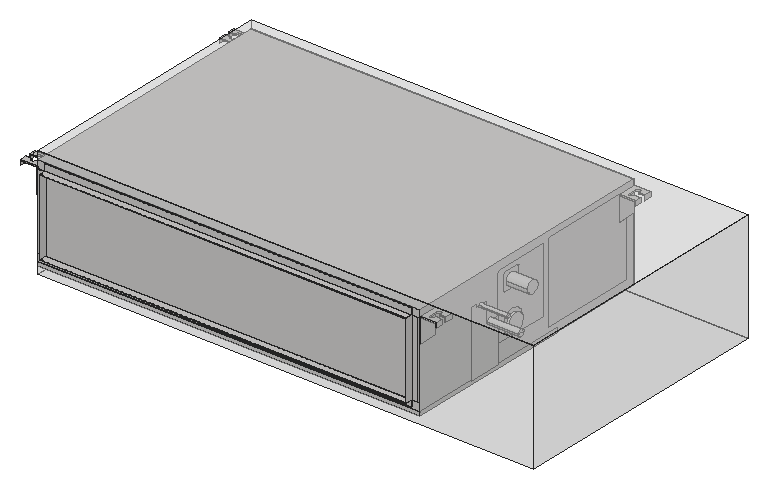
Revit family "outputfile", category 機械設備, Revit 2024
Family settings
  丸型コネクタ寸法 = 半径を使用
  パーツ タイプ = 標準
  OmniClass 番号 = 23.75.10.24.21.27.27
  OmniClass タイトル = Split System Air Conditioning Units
  作業面ベース = いいえ
  常に垂直 = はい
  ロード時にボイドで切り取り = いいえ
  注釈の向きを維持 = いいえ
  共有 = いいえ
  部屋計算ポイント = はい
Parameters (values of type "FPSQ63CV1")
  Description = ""
  書き出し IFC クラス(タイプ) = "IfcUnitaryEquipmentType"
  定義済み IFC タイプ(タイプ) = "AIRCONDITIONINGUNIT"
  Cost = 0
  Type Comments = ""
  Keynote = ""
  Type Image = (empty or 0)
  Assembly Code = ""
  w_RA Duct Size = if(Width = 1000.0 mm, 1000.0 mm, 1400.0 mm)  # 1000.0 mm
  r_HP/LP Gas Pipe Size = 4.75 mm
  lw_HP/LP Gas Pipe Size = 60.0 mm  # constant formula
  lh_HP/LP Gas Pipe Size = -103.0 mm
  ld_mountinghole = 24.0 mm  # constant formula
  ld_HP/LP Gas Pipe Size = 131.0 mm
  製造元 = "Daikin"
  モデル = "FPSQ63CV1"
  w_pipe = 33.0 mm
  r_Liquid Pipe Size = Liquid Pipe Size / 2  # 4.75 mm
  r_Gas Pipe Size = Gas Pipe Size / 2  # 7.95 mm
  r_Drain Pipe Size = Drain Pipe Size / 2  # 16.0 mm
  lw_powersupply = 49.5 mm
  lh_suctionflange [instance] = if(Rear Connection_Return Air, 125.0 mm + [h***], 190.0 mm + [h***])  # 125.0 mm
  ld_suctionflange [instance] = if(Rear Connection_Return Air, 190.0 mm, 126.5 mm)  # 190.0 mm
  ld_powersupply = 60.0 mm
  angle_vertical_RA [instance] = if(Rear Connection_Return Air, 90.00°, 0.00°)  # 90.00°
  angle horizontal_RA [instance] = if(Rear Connection_Return Air, 180.00°, 270.00°)  # 180.00°
  Voltage_comment_50Hz = "220 - 240"
  Voltage_50Hz = 230 V
  URL = ""
  Supply Air Direction [instance] = yes
  Sound Power Level_H speed (dB) = 0
  Rear Connection_Return Air [instance] = not(Bottom Connection_Return Air)  # yes
  RA_length = 190.0 mm  # constant formula
  Phase_50Hz = 1
  Minimum External Static Pressure = 50.00 Pa
  Minimum Circuit Amps_50Hz = 0.9 A
  Maximum Fuse Amps_50Hz = 16.0 A
  Maximum External Static Pressure = 80.00 Pa
  Material_Casing = DAIKIN_GalvanizedSteel_Casing_indoorunit
  lw_liquidpipe = 75.0 mm  # constant formula
  lw_gaspipe = 83.0 mm  # constant formula
  lw_mountinghole_pitch = Width + 45.0 mm  # 1045.0 mm
  lw_mountinghole = 20.0 mm  # constant formula
  lw_drainpipe = 58.0 mm  # constant formula
  lh_powersupply = 20.0 mm
  lh_liquidpipe = 175.0 mm
  lh_gaspipe = 124.0 mm
  lh_mountinghole = Height + [h***]  # 250.0 mm
  lh_drainpipe = 57.0 mm
  lh_antena = 1.0 mm  # constant formula
  ld_liquidpipe = 197.0 mm
  ld_gaspipe = 228.0 mm  # constant formula
  ld_mountinghole_pitch = 651.0 mm  # constant formula
  ld_drainpipe = 403.0 mm  # constant formula
  ld_controlbox = 626.0 mm  # constant formula
  h*** = 0.0 mm  # constant formula
  d_dischargeflange = 19.0 mm  # constant formula
  Width = 1000.0 mm
  Version = "ver.1.0"
  Unit Type = "Middle Static Ceiling Mounted Duct Type"
  Unit Mass Weight = 32.00 kg
  Unit Designation [instance] = ""
  Uniclass2015Version = "Products v1.30"
  Uniclass2015Title = "Variable refrigerant flow units"
  Uniclass2015Code = "Pr_70_65_03_94"
  Total Cooling Capacity [instance] = 0.000 kW
  Sound Pressure Level_M speed (dBA) = 32
  Sound Pressure Level_L speed (dBA) = 29
  Sound Pressure Level_H speed (dBA) = 35
  Series = "VRV HOME_Fan Coil Unit"
  Sensible Cooling Capacity [instance] = 0.000 kW
  SA Duct Size Width = 958.0 mm
  SA Duct Size Height = 198.0 mm
  Refrigerant Type = "R410A"
  RA Duct Size Width = 964.0 mm
  RA Duct Size Height [instance] = if(Rear Connection_Return Air, 214.0 mm, 217.0 mm)  # 214.0 mm
  Power Input (Cooling) = 0.151 kW
  Option Accessory 3 [instance] = ""
  Option Accessory 2 [instance] = ""
  Option Accessory 1 [instance] = ""
  Nominal Cooling Capacity = 7.100 kW
  Minimum Airflow = 738.00 m³/h
  Median Airflow = 894.00 m³/h
  Maximum Airflow = 1056.00 m³/h
  Load Classification = HVAC
  Liquid Pipe Size = 9.5 mm
  Link_Nested Family [instance] = ""
  IfcVersion = ""
  IfcExportType = "AIRCONDITIONINGUNIT"
  IfcExportAs = "IfcUnitaryEquipmentType"
  Height = 250.0 mm
  Heat Exchanger Type = "Cross Fin Coil"
  Gas Pipe Size = 15.9 mm
  Frequency_50Hz = 50 Hz
  Fan Type = "Sirocco Fan"
  Fan Drive = "Direct Drive"
  FCU Tag No. [instance] = ""
  Drain Pipe Size = 32.0 mm
  Design Supply Airflow [instance] = 0.00 m³/h
  Design Return Airflow [instance] = 0.00 m³/h
  Design External Static Pressure [instance] = 0.00 Pa
  Depth = 700.0 mm
  既定の高さ = 0.0 mm
  Cooling Entering Wet Bulb Temperature [instance] = 0.00 °C
  Cooling Entering Dry Bulb Temperature [instance] = 0.00 °C
  Cooling Ambient Wet Bulb Temperature [instance] = 0.00 °C
  Cooling Ambient Dry Bulb Temperature [instance] = 0.00 °C
  Clearance visibility [instance] = yes
  Clearance Top = 20.0 mm
  Clearance Right = 300.0 mm
  Clearance Rear = 0.0 mm
  Clearance Left = 0.0 mm
  Clearance Front = 0.0 mm
  Clearance Bottom = 20.0 mm
  Bottom Connection_Return Air [instance] = no
Reference planes
  plane 1 "Center (Front/Back)": y = 0
  plane 2: z = 0
  plane 3 "Center (Left/Right)": x = 0
  plane 4 "Back": y = 350
  plane 5 "Front": y = -350
  plane 6 "Left": x = -500
  plane 7 "Right": x = 500
  plane 8 "Top": z = 0
  plane 9 "Bottom": z = -250
  plane 10: x = 325
  plane 11: x = -330
  plane 12: z = -230
  plane 13: z = -6
  plane 14: z = -72
  plane 15: z = -75
  plane 16: z = -126
  plane 17: x = -304
  plane 18: x = -522.5
  plane 19: x = 522.5
  plane 20: y = -326
  plane 21: y = 325
  plane 22: x = -542.5
  plane 23: x = 390
  plane 24: x = 575
  plane 25: x = 583
  plane 26: x = 558
  plane 27: z = 0
  plane 28 "Clearance Left": x = -500
  plane 29 "Clearance Right": x = 800
  plane 30 "Clearance Rear": y = 350
  plane 31 "Clearance Front": y = -350
  plane 32 "Clearance Top": z = 20
  plane 33 "Clearance Bottom": z = -270
  plane 34: z = -14
  plane 35: z = -57
  plane 36: z = -146.5
  plane 37: x = 0
  plane 38: y = -122
  plane 39: y = -153
  plane 40: y = -30
  plane 41: y = -53
  plane 42: z = -119
  plane 43: y = -349
  plane 44: x = -499
  plane 45: z = -140
  plane 46: z = -80
  plane 47: y = 210
  plane 48: z = -249
  plane 49: y = 160
  plane 50: z = -151
  plane 51: x = 530
  plane 52: z = 11
  plane 53: z = 97.5
  plane 54: y = -219
Forms (mm)
  Extrusion 1, solid, material "DAIKIN_GalvanizedSteel_Casing_indoorunit" <- "Material_Casing"
    sketch origin (0, 0, 0) x (1, 0, 0) y (0, 1, 0)
      loop
        line (-500, -350) -> (500, -350) -> (500, 350) -> (-500, 350) -> (-500, -350)
    from -250 to 0
  Revolve 2, solid, material "DAIKIN_GalvanizedSteel_Casing_indoorunit" <- "Material_Casing"
    sketch origin (0, 0, -126) x (0, -1, 0) y (1, 0, 0)
      loop
        line (114.05, 500) -> (122, 500) -> (122, 583) -> (114.05, 583) -> (114.05, 500)
      axis (122, 500) -> (122, 583)
    angle from 0 to 360
  Revolve 3, solid, material "DAIKIN_GalvanizedSteel_Casing_indoorunit" <- "Material_Casing"
    sketch origin (0, 0, -75) x (0, -1, 0) y (1, 0, 0)
      loop
        line (153, 500) -> (153, 575) -> (148.25, 575) -> (148.25, 500) -> (153, 500)
      axis (153, 575) -> (153, 500)
    angle from 0 to 360
  Extrusion 4, solid, material "DAIKIN_GalvanizedSteel_Casing_indoorunit" <- "Material_Casing"
    sketch origin (500, 0, 33.75) x (0, 1, 0) y (0, 0, 1)
      loop
        circle (-53, -90.75) r 16
    from 0 to 58
  Extrusion 5, solid, material "DAIKIN_GalvanizedSteel_Casing_indoorunit" <- "Material_Casing"
    sketch origin (0, 0, 0) x (1, 0, 0) y (0, 0, 1)
      loop
        line (-500, -240) -> (-500, -250) -> (500, -250) -> (500, -240) -> (-500, -240)
    from -97 to 350
  Extrusion 6, solid, material "DAIKIN_GalvanizedSteel_Casing_indoorunit" <- "Material_Casing"
    sketch origin (500, 0, 0) x (0, 1, 0) y (0, 0, 1)
      loop
        circle (-49.014, -158.014) r 22.5
    from 11.3 to 0
  Extrusion 7, solid, material "DAIKIN_GalvanizedSteel_Casing_indoorunit" <- "Material_Casing"
    sketch origin (500, 0, 0) x (0, 1, 0) y (0, 0, 1)
      loop
        circle (-49.014, -158.014) r 30
    from 0 to 3
  Extrusion 8, solid, material "DAIKIN_GalvanizedSteel_Casing_indoorunit" <- "Material_Casing"
    sketch origin (500, 0, 0) x (0, 1, 0) y (0, 0, 1)
      loop
        arc (-94.014, -189.014) -> (-93.135, -191.135) -> (-91.014, -192.014) r 3
        line (-91.014, -192.014) -> (49.986, -192.014)
        arc (49.986, -192.014) -> (52.108, -191.135) -> (52.986, -189.014) r 3
        line (52.986, -189.014) -> (52.986, -25.014)
        arc (52.986, -25.014) -> (52.108, -22.892) -> (49.986, -22.014) r 3
        line (49.986, -22.014) -> (-91.014, -22.014)
        arc (-91.014, -22.014) -> (-93.135, -22.892) -> (-94.014, -25.014) r 3
        line (-94.014, -25.014) -> (-94.014, -189.014)
      loop
        line (-78.486, -40.478) -> (-78.486, -73.478)
        arc (-78.486, -73.478) -> (-75.855, -79.845) -> (-69.494, -82.486) r 9
        line (-69.494, -82.486) -> (-36.492, -82.486)
        arc (-36.492, -82.486) -> (-30.134, -79.848) -> (-27.486, -73.494) r 9.023
        line (-27.486, -73.494) -> (-27.486, -40.478)
        arc (-27.486, -40.478) -> (-30.122, -34.122) -> (-36.478, -31.486) r 9
        line (-36.478, -31.486) -> (-69.494, -31.486)
        arc (-69.494, -31.486) -> (-75.85, -34.122) -> (-78.486, -40.478) r 9
    from 0 to 1
  Extrusion 9, solid, material "DAIKIN_GalvanizedSteel_Casing_indoorunit" <- "Material_Casing"
    sketch origin (500, 0, 0) x (0, 1, 0) y (0, 0, 1)
      loop
        line (72.008, -16.198) -> (72.008, -225) -> (324.002, -225) -> (324.002, -83.198) -> (299.002, -83.198) -> (299.002, -16.198) -> (72.008, -16.198)
    from 0 to 1
  Extrusion 10, solid, material "DAIKIN_GalvanizedSteel_Casing_indoorunit"
    sketch origin (500, 0, 0) x (0, 1, 0) y (0, 0, 1)
      loop
        line (-96.045, -240) -> (-96.045, -126.163) -> (-136.045, -126.163) -> (-136.045, -75.163) -> (-166.999, -75.163) -> (-166.999, -70.163) -> (-181.045, -70.163) -> (-181.045, -240) -> (-96.045, -240)
    from 0 to 1
Dimensions and locks
  "lh_powersupply": plane 12 to plane 9 "Bottom"
  locked: plane 8 "Top" to plane 13 at 6
  "Height": plane 8 "Top" to plane 9 "Bottom"
  locked: plane 17 to plane 3 "Center (Left/Right)" at 304
  equal spacing: plane 18, plane 3 "Center (Left/Right)", plane 19
  "lw_mountinghole_pitch": plane 18 to plane 19
  locked: plane 14 to plane 9 "Bottom" at 178
  "lw_mountinghole": plane 22 to plane 18
  "lh_liquidpipe": plane 15 to plane 9 "Bottom"
  "lh_gaspipe": plane 16 to plane 9 "Bottom"
  "lh_mountinghole": plane 27 to plane 9 "Bottom"
  "ld_mountinghole_pitch": plane 21 to plane 20
  equal spacing: plane 6 "Left", plane 3 "Center (Left/Right)", plane 7 "Right"
  "Width": plane 6 "Left" to plane 7 "Right"
  "Clearance Right": plane 7 "Right" to plane 29 "Clearance Right"
  "Clearance Left": plane 28 "Clearance Left" to plane 6 "Left"
  "lw_gaspipe": plane 7 "Right" to plane 25
  "lw_liquidpipe": plane 7 "Right" to plane 24
  "lw_drainpipe": plane 7 "Right" to plane 26
  "Clearance Rear": plane 30 "Clearance Rear" to plane 4 "Back"
  "Clearance Front": plane 5 "Front" to plane 31 "Clearance Front"
  "Clearance Top": plane 32 "Clearance Top" to plane 8 "Top"
  "Clearance Bottom": plane 9 "Bottom" to plane 33 "Clearance Bottom"
  plane 8 "Top" to plane 34 = 14.0 mm
  "lh_drainpipe": plane 8 "Top" to plane 35
  locked: plane 36 to plane 9 "Bottom" at 103.5
  locked: plane 34 to plane 42 at 105
  "Depth": plane 4 "Back" to plane 5 "Front"
  equal spacing: plane 4 "Back", plane 1 "Center (Front/Back)", plane 5 "Front"
  locked: plane 43 to plane 5 "Front" at 1
  locked: plane 44 to plane 6 "Left" at 1
  locked: plane 12 to plane 45 at 90
  plane 47 to nested 13 = 122.0 mm
  locked: plane 48 to plane 9 "Bottom" at 1
  "ld_suctionflange": plane 4 "Back" to plane 49
  locked: plane 50 to plane 9 "Bottom" at 99
  locked: plane 51 to plane 7 "Right" at 30
  "r_Gas Pipe Size": Revolve 2 sketch curve to Revolve 2 sketch curve
  "ld_gaspipe": plane 38 to plane 5 "Front"
  "r_Liquid Pipe Size": Revolve 3 sketch curve to plane 39
  "ld_liquidpipe": plane 39 to plane 5 "Front"
  "ld_drainpipe": plane 4 "Back" to plane 41
  "ld_HP/LP Gas Pipe Size": plane 54 to plane 5 "Front"
  plane 8 "Top" to plane 15 = 75.0 mm
  "ld_mountinghole": plane 20 to plane 5 "Front"
  locked: plane 8 "Top" to nested 16 at 20
  equal spacing: plane 6 "Left", plane 37, plane 7 "Right"
  "ld_gaspipe": plane 5 "Front" to Revolve 2 sketch curve
  locked: plane 46 to plane 9 "Bottom" at 170
  "r_Drain Pipe Size": radius of Extrusion 4 sketch curve
  aligned and locked: level to plane 2
  aligned and locked: Extrusion 1 to plane 9 "Bottom"
  aligned and locked: plane 8 "Top" to Extrusion 1
  aligned and locked: Revolve 2 sketch curve to Revolve 2 sketch curve
  aligned and locked: nested 6 to plane 24
  aligned and locked: nested 6 to plane 15
  aligned and locked: nested 2 to plane 21
  aligned and locked: plane 19 to nested 2
  aligned and locked: plane 19 to nested 3
  aligned and locked: plane 18 to nested 4
  aligned and locked: plane 21 to nested 5
  aligned and locked: nested 5 to plane 21
  aligned and locked: plane 18 to nested 5
  aligned and locked: Extrusion 5 to plane 5 "Front"
  aligned and locked: Extrusion 5 to plane 9 "Bottom"
  aligned and locked: nested 7 to plane 16
  aligned and locked: plane 38 to nested 7
  aligned and locked: plane 39 to nested 6
  aligned and locked: Extrusion 4 sketch curve to plane 41
  aligned and locked: plane 4 "Back" to nested 12
  aligned and locked: plane 29 "Clearance Right" to nested 14
  aligned and locked: plane 28 "Clearance Left" to nested 14
  aligned and locked: nested 14 to plane 31 "Clearance Front"
  aligned and locked: nested 14 to plane 32 "Clearance Top"
  aligned and locked: nested 14 to plane 33 "Clearance Bottom"
  aligned and locked: nested 8 to plane 35
  aligned and locked: nested 10 to plane 1 "Center (Front/Back)"
  aligned and locked: plane 3 "Center (Left/Right)" to nested 10
  aligned and locked: plane 42 to nested 9
  aligned and locked: level to plane 8 "Top"
  aligned and locked: plane 3 "Center (Left/Right)" to nested 1
  aligned and locked: Extrusion 1 sketch curve to plane 5 "Front"
  aligned and locked: plane 3 "Center (Left/Right)" to nested 16
  aligned and locked: plane 5 "Front" to nested 16
  aligned and locked: nested 9 to plane 5 "Front"
  aligned and locked: plane 39 to Revolve 3 sketch curve  (x2)
  aligned and locked: plane 7 "Right" to nested 7
  aligned and locked: plane 7 "Right" to nested 8
  aligned and locked: plane 41 to nested 8
  aligned and locked: plane 1 "Center (Front/Back)" to nested 1
  aligned and locked: nested 4 to plane 20
  aligned and locked: nested 3 to plane 20
  aligned and locked: plane 37 to nested 15
  aligned and locked: nested 15 to plane 49
  aligned and locked: plane 7 "Right" to Revolve 3 sketch curve
  aligned and locked: plane 7 "Right" to Revolve 2 sketch curve
  aligned and locked: Revolve 2 sketch curve to nested 7
  aligned and locked: plane 8 "Top" to nested 12
  aligned and locked: plane 3 "Center (Left/Right)" to nested 12
  aligned and locked: plane 3 "Center (Left/Right)" to nested 13
  aligned and locked: plane 9 "Bottom" to nested 13
  aligned and locked: plane 30 "Clearance Rear" to nested 14
  aligned and locked: plane 4 "Back" to nested 13
  aligned and locked: plane 7 "Right" to nested 11
  aligned and locked: plane 26 to Extrusion 4
Automatic sketch dimensions
  Extrusion 1 sketch curve to plane 4 "Back" = 0.0 mm
  Extrusion 1 sketch curve to plane 6 "Left" = 0.0 mm
  Extrusion 1 sketch curve to plane 7 "Right" = 0.0 mm
  Revolve 2 sketch curve to plane 37 = 57.997 mm
  plane 24 to Revolve 2 sketch curve = 1.003 mm
  Revolve 3 sketch curve to plane 24 = 0.0 mm  (x2)
  Revolve 3 sketch curve to Revolve 3 sketch curve = 1.0 mm
  Extrusion 5 sketch curve to plane 6 "Left" = 0.0 mm
  Extrusion 5 sketch curve to plane 7 "Right" = 0.0 mm
  Extrusion 5 sketch curve to plane 9 "Bottom" = 0.0 mm
  Extrusion 5 sketch curve to plane 12 = 10.0 mm
  plane 35 to Extrusion 4 sketch curve = 0.0 mm
  plane 38 to Extrusion 6 sketch curve = 72.986 mm
  plane 12 to Extrusion 6 sketch curve = 71.986 mm
  plane 41 to Extrusion 7 sketch curve = 3.986 mm
  Extrusion 7 sketch curve to plane 50 = 7.014 mm
  plane 38 to Extrusion 8 sketch curve = 27.986 mm
  Extrusion 8 sketch curve to Extrusion 8 sketch curve = 3.0 mm  (x3)
  Extrusion 8 sketch curve to plane 14 = 1.478 mm
  Extrusion 8 sketch curve to plane 41 = 25.486 mm
  Extrusion 8 sketch curve to plane 46 = 2.486 mm
  Extrusion 8 sketch curve to Extrusion 8 sketch curve = 8.992 mm  (x2)
  Extrusion 8 sketch curve to plane 14 = 1.486 mm
  Extrusion 8 sketch curve to Extrusion 8 sketch curve = 9.0 mm
  Extrusion 8 sketch curve to plane 14 = 1.463 mm
  Extrusion 8 sketch curve to plane 40 = 6.509 mm
  Extrusion 8 sketch curve to plane 40 = 6.492 mm
  Extrusion 8 sketch curve to plane 40 = 6.486 mm
  Extrusion 8 sketch curve to plane 40 = 6.478 mm
  Extrusion 8 sketch curve to plane 14 = 1.494 mm
  Extrusion 8 sketch curve to plane 34 = 8.014 mm
  Extrusion 8 sketch curve to plane 1 "Center (Front/Back)" = 49.986 mm  (x2)
  Extrusion 8 sketch curve to plane 50 = 38.014 mm
  plane 35 to Extrusion 8 sketch curve = 16.514 mm
  Extrusion 8 sketch curve to Extrusion 8 sketch curve = 32.977 mm
  Extrusion 8 sketch curve to Extrusion 8 sketch curve = 0.008 mm
  Extrusion 9 sketch curve to plane 34 = 2.198 mm
  Extrusion 9 sketch curve to plane 1 "Center (Front/Back)" = 72.008 mm
  Extrusion 9 sketch curve to plane 46 = 3.198 mm
  Extrusion 9 sketch curve to plane 21 = 25.998 mm
  Extrusion 9 sketch curve to plane 21 = 0.998 mm  (x2)
  plane 12 to Extrusion 9 sketch curve = 5.0 mm
  plane 48 to Extrusion 10 sketch curve = 9.0 mm
  Extrusion 10 sketch curve to plane 39 = 28.045 mm
  Extrusion 10 sketch curve to plane 15 = 0.163 mm
  Extrusion 10 sketch curve to plane 39 = 13.999 mm
  Extrusion 10 sketch curve to plane 16 = 0.163 mm
  Extrusion 10 sketch curve to plane 38 = 14.045 mm
  plane 38 to Extrusion 10 sketch curve = 25.955 mm
  plane 14 to Extrusion 10 sketch curve = 1.837 mm
  radius of Extrusion 6 sketch curve = 22.5 mm
  radius of Extrusion 7 sketch curve = 30.0 mm
Nested families
  nested 1: "daikin_hangerfixture_FPSQ-CV1" at (0, 0, -15.5), type "daikin_hangerfixture_FPSQ-CV1"
  nested 2: "daikin_mountinghole" at (522.5, 325, -265.5), l_antenna <- "lh_antena", Link_Nested Family <- "Link_Nested Family", h_mountinghole <- "lh_mountinghole", type "daikin_mountinghole"
    with show yes, l_antenna 1.0 mm, h_mountinghole 250.0 mm, Link_Nested Family ""
  nested 3: "daikin_mountinghole" at (522.5, -326, -265.5), Link_Nested Family <- "Link_Nested Family", l_antenna <- "lh_antena", h_mountinghole <- "lh_mountinghole", type "daikin_mountinghole"
    with show yes, l_antenna 1.0 mm, h_mountinghole 250.0 mm, Link_Nested Family ""
  nested 4: "daikin_mountinghole" at (-522.5, -326, -265.5), l_antenna <- "lh_antena", Link_Nested Family <- "Link_Nested Family", h_mountinghole <- "lh_mountinghole", type "daikin_mountinghole"
    with show yes, l_antenna 1.0 mm, h_mountinghole 250.0 mm, Link_Nested Family ""
  nested 5: "daikin_mountinghole" at (-522.5, 325, -265.5), l_antenna <- "lh_antena", Link_Nested Family <- "Link_Nested Family", h_mountinghole <- "lh_mountinghole", type "daikin_mountinghole"
    with show yes, l_antenna 1.0 mm, h_mountinghole 250.0 mm, Link_Nested Family ""
  nested 6: "daikin_connector_rotate2" at (500, -153, -75) x (0, 1, 0) z (0, 0, 1), length <- "lw_liquidpipe", built-in parameter 1001364 <- "lh_liquidpipe", radius <- "r_Liquid Pipe Size", type "daikin_connector_rotate2"
    with radius 4.75 mm, length 75.0 mm, angle_vertical 90.00°
  nested 7: "daikin_connector_rotate2" at (500, -122, -126) x (0, 1, 0) z (0, 0, 1), length <- "lw_gaspipe", built-in parameter 1001364 <- "lh_gaspipe", radius <- "r_Gas Pipe Size", type "daikin_connector_rotate2"
    with radius 7.95 mm, length 83.0 mm, angle_vertical 90.00°
  nested 8: "daikin_connector_rotate2" at (500, -53, -57) x (0, 1, 0) z (0, 0, 1), built-in parameter 1001364 <- "lh_drainpipe", radius <- "r_Drain Pipe Size", length <- "lw_drainpipe", type "daikin_connector_rotate2"
    with radius 16.0 mm, length 58.0 mm, angle_vertical 90.00°
  nested 9: "daikin_connector_rotate2" at (0, -350, -119), length <- "d_dischargeflange", type "daikin_connector_rotate2"
    with radius 10.0 mm, length 19.0 mm, angle_vertical 90.00°
  nested 10: "daikin_△_symbolicline" at (-75, -129.904, 250) x (-0.5, 0.866, 0) z (0, 0, 1), built-in parameter 1001364 <- "Height", visible <- "Supply Air Direction", type "daikin_△_symbolicline"
    with length 300.0 mm
  nested 11: "daikin_connector_rotate2" at (440, 273.008, -220) x (0, 1, 0) z (0, 0, 1), type "daikin_connector_rotate2"
    with radius 10.0 mm, length 60.0 mm, angle_vertical 90.00°
  nested 12: "daikin_ductflange_FPSQ-CV1_2" at (0, 350, -125), material <- "Material_Casing", visible <- "Rear Connection_Return Air", width <- "w_RA Duct Size", type "daikin_ductflange_FPSQ-CV1_2"
    with width 1000.0 mm, material DAIKIN_GalvanizedSteel_Casing_indoorunit, height 214.0 mm, depth 21.2 mm
  nested 13: "daikin_ductflange_FPSQ-CV1_2" at (0, 225, -250) x (1, 0, 0) z (0, 1, 0), material <- "Material_Casing", visible <- "Bottom Connection_Return Air", width <- "w_RA Duct Size", height <- "RA Duct Size Height", type "daikin_ductflange_FPSQ-CV1_2"
    with width 1000.0 mm, material DAIKIN_GalvanizedSteel_Casing_indoorunit, height 214.0 mm, depth 21.0 mm
  nested 14: "daikin_clearancespace" at (150, 0, -124.881), visible <- "Clearance visibility", show <- "Clearance visibility", Link_Nested Family <- "Link_Nested Family", type "daikin_clearancespace"
    with width 1300.0 mm, show yes, height 290.0 mm, depth 700.0 mm, Link_Nested Family ""
  nested 15: "daikin_connector_rotate3" at (0, 160, -125), built-in parameter 1001364 <- "lh_suctionflange", angle_vertical <- "angle_vertical_RA", angle_horizontal <- "angle horizontal_RA", length <- "RA_length", type "daikin_connector_rotate3"
    with show no, radius 10.0 mm, length 190.0 mm, angle_vertical 90.00°, angle_horizontal 180.00°
  nested 16: "daikin_ductflange_FPSQ-CV1_1" at (0, -36.5, -408.201), width <- "SA Duct Size Width", type "daikin_ductflange_FPSQ-CV1_1"
    with width 958.0 mm, material DAIKIN_GalvanizedSteel_Casing_indoorunit, height 200.0 mm, depth 19.0 mm
Connectors
  piping at (583, -122, -126), diameter 15.9, driven by "r_Gas Pipe Size"
    settings: on nested 7, index 1, connector inside diameter 609.6 mm, connector length 0.0 mm, flow factor 0, pipe flow 0.00 m³/h, pressure drop 0.0 Pa, fitting loss kfactor 0, connector angle 0.00°, fixture units 0, engagement length 0.0 mm, angle of deflection 0.00°, flow configuration 1, flow direction 2, fitting loss method 0, system type 29, joint type 0, gender type 0, connector reference index -1, connector utility 0, adjustable connector no, is connector primary yes, connector description "Refrigerant Gas Piping"
  piping at (575, -153, -75), diameter 9.5, driven by "r_Liquid Pipe Size"
    settings: on nested 6, index 2, connector inside diameter 609.6 mm, connector length 0.0 mm, flow factor 0, pipe flow 0.00 m³/h, pressure drop 0.0 Pa, fitting loss kfactor 0, connector angle 0.00°, fixture units 0, engagement length 0.0 mm, angle of deflection 0.00°, flow configuration 1, flow direction 1, fitting loss method 0, system type 29, joint type 0, gender type 0, connector reference index -1, connector utility 0, adjustable connector no, is connector primary no, connector description "Refrigerant Liquid Piping"
  piping at (558, -53, -57), diameter 32, driven by "r_Drain Pipe Size"
    settings: on nested 8, index 3, connector inside diameter 609.6 mm, connector length 0.0 mm, flow factor 0, pipe flow 0.00 m³/h, pressure drop 0.0 Pa, fitting loss kfactor 0, connector angle 0.00°, fixture units 0, engagement length 0.0 mm, angle of deflection 0.00°, flow configuration 1, flow direction 2, fitting loss method 4, system type 16, joint type 0, gender type 0, connector reference index -1, connector utility 0, adjustable connector no, is connector primary no, connector description "Condensate Drain Piping"
  electrical at (500, 273.008, -220), driven by "Load Classification"
    settings: on nested 11, index 9, voltage 0 V, apparent load 0 VA, apparent load phase1 0 VA, apparent load phase2 0 VA, apparent load phase3 0 VA, power factor 1, load classification "HVAC", number of poles 1, system type 30, power factor state 1, is connector primary yes, connector utility no, sub classification motor no, connector description "Power Supply"
  hvac at (0, -369, -119), driven by "SA Duct Size Height", driven by "SA Duct Size Width"
    settings: on nested 9, index 11, duct flow 0.00 m³/h, flow factor 0, pres drop 0.00 Pa, loss coef 0, conn angle 0.00°, conn width 958.0 mm, conn height 198.0 mm, conn diameter 609.6 mm, duct sys type 1, conn prof type 1, flow config 0, flow direction 2, loss method 4, conn ref index -1, conn util no, is conn primary yes, conn desc "SA Duct"
  hvac at (0, 350, -125), driven by "RA Duct Size Height", driven by "RA Duct Size Width"
    settings: on nested 15, index 12, duct flow 0.00 m³/h, flow factor 0, pres drop 0.00 Pa, loss coef 0, conn angle 0.00°, conn width 964.0 mm, conn height 214.0 mm, conn diameter 609.6 mm, duct sys type 2, conn prof type 1, flow config 0, flow direction 1, loss method 4, conn ref index -1, conn util no, is conn primary no, conn desc "RA Duct"
  piping at (583, -122, -126), diameter 15.9, driven by "r_Gas Pipe Size"
    settings: on nested 7, index 13, connector inside diameter 609.6 mm, connector length 0.0 mm, flow factor 0, pipe flow 0.00 m³/h, pressure drop 0.0 Pa, fitting loss kfactor 0, connector angle 0.00°, fixture units 0, engagement length 0.0 mm, angle of deflection 0.00°, flow configuration 1, flow direction 2, fitting loss method 0, system type 29, joint type 0, gender type 0, connector reference index -1, connector utility 0, adjustable connector no, is connector primary no, connector description "Refrigerant Gas Piping"
Definition of nested family "daikin_hangerfixture_FPSQ-CV1"
  Parameters (values of type "daikin_hangerfixture_FPSQ-CV1")
    width = 1000.0 mm
    material = none
    height = 65.0 mm
    depth = 699.0 mm
    Default Elevation = 0.0 mm
  Reference planes
    plane 1 "Center (Front/Back)": y = 0
    plane 2: z = 0
    plane 3 "Center (Left/Right)": x = 0
    plane 4: x = 500
    plane 5: y = 349
    plane 6: y = -350
    plane 7: x = -500
  Forms (mm)
    Extrusion 1, solid, material <- "material"
      sketch origin (0, 0, 0) x (-1, 0, 0) y (0, 0, -1)
        loop
          line (500, 0) -> (545, 0) -> (545, 11.998) -> (542.7, 11.998) -> (542.7, 2.298) -> (502.108, 2.298) -> (502.108, 64.997) -> (500, 64.997) -> (500, 0)
      from -349 to 350
    Extrusion 2, void
      sketch origin (0, 0, 0) x (1, 0, 0) y (0, 1, 0)
        loop
          line (-545, 301) -> (-545, -302) -> (-500, -302) -> (-500, 301) -> (-545, 301)
        loop
          line (-545, -319.499) -> (-545, -332.501) -> (-529.997, -332.501)
          arc (-529.997, -332.501) -> (-529.291, -332.793) -> (-528.998, -333.5) r 0.998
          line (-528.998, -333.5) -> (-528.998, -335)
          arc (-528.998, -335) -> (-522.999, -340.999) -> (-517, -335) r 5.999
          line (-517, -335) -> (-517, -317)
          arc (-517, -317) -> (-522.999, -311.001) -> (-528.998, -317) r 5.999
          line (-528.998, -317) -> (-528.998, -318.5)
          arc (-528.998, -318.5) -> (-529.291, -319.207) -> (-529.997, -319.499) r 0.998
          line (-529.997, -319.499) -> (-545, -319.499)
        loop
          line (-545, 331.502) -> (-545, 318.5) -> (-529.997, 318.5)
          arc (-529.997, 318.5) -> (-529.291, 318.208) -> (-528.998, 317.501) r 0.998
          line (-528.998, 317.501) -> (-528.998, 316.001)
          arc (-528.998, 316.001) -> (-522.999, 310.002) -> (-517, 316.001) r 5.999
          line (-517, 316.001) -> (-517, 334.001)
          arc (-517, 334.001) -> (-522.999, 340) -> (-528.998, 334.001) r 5.999
          line (-528.998, 334.001) -> (-528.998, 332.5)
          arc (-528.998, 332.5) -> (-529.291, 331.794) -> (-529.997, 331.502) r 0.998
          line (-529.997, 331.502) -> (-545, 331.502)
      from 0 to -80
    Extrusion 3, solid, material <- "material"
      sketch origin (0, 0, 0) x (1, 0, 0) y (0, 0, 1)
        loop
          line (500, 0) -> (500, -64.997) -> (502.108, -64.997) -> (502.108, -2.298) -> (542.7, -2.298) -> (542.7, -11.998) -> (545, -11.998) -> (545, 0) -> (500, 0)
      from -349 to 350
    Extrusion 4, void
      sketch origin (0, 0, 0) x (-1, 0, 0) y (0, -1, 0)
        loop
          line (-545, -301) -> (-500, -301) -> (-500, 302) -> (-545, 302) -> (-545, -301)
        loop
          line (-517, 317) -> (-517, 335)
          arc (-517, 335) -> (-522.999, 340.999) -> (-528.998, 335) r 5.999
          line (-528.998, 335) -> (-528.998, 333.5)
          arc (-528.998, 333.5) -> (-529.291, 332.793) -> (-529.997, 332.501) r 0.998
          line (-529.997, 332.501) -> (-545, 332.501) -> (-545, 319.499) -> (-529.997, 319.499)
          arc (-529.997, 319.499) -> (-529.291, 319.207) -> (-528.998, 318.5) r 0.998
          line (-528.998, 318.5) -> (-528.998, 317)
          arc (-528.998, 317) -> (-522.999, 311.001) -> (-517, 317) r 5.999
        loop
          line (-545, -331.502) -> (-529.997, -331.502)
          arc (-529.997, -331.502) -> (-529.291, -331.794) -> (-528.998, -332.5) r 0.998
          line (-528.998, -332.5) -> (-528.998, -334.001)
          arc (-528.998, -334.001) -> (-522.999, -340) -> (-517, -334.001) r 5.999
          line (-517, -334.001) -> (-517, -316.001)
          arc (-517, -316.001) -> (-522.999, -310.002) -> (-528.998, -316.001) r 5.999
          line (-528.998, -316.001) -> (-528.998, -317.501)
          arc (-528.998, -317.501) -> (-529.291, -318.208) -> (-529.997, -318.5) r 0.998
          line (-529.997, -318.5) -> (-545, -318.5) -> (-545, -331.502)
      from 0 to -80
  Cuts and joins
    Extrusion 2, Extrusion 4 cuts Extrusion 1
    Extrusion 4 cuts Extrusion 3
  Dimensions and locks
    plane 5 to plane 1 "Center (Front/Back)" to plane 6 = 349.0 mm, 350.0 mm
    "depth": plane 5 to plane 6
    plane 6 to plane 1 "Center (Front/Back)" to plane 5 = 350.0 mm, 349.0 mm
    equal spacing: plane 7, plane 3 "Center (Left/Right)", plane 4
    "width": plane 7 to plane 4
    plane 7 to Extrusion 1 sketch curve = 2.108 mm
    level to Extrusion 1 sketch curve = 11.998 mm
    plane 7 to Extrusion 1 sketch curve = 45.0 mm
    Extrusion 1 sketch curve to Extrusion 1 sketch curve = 2.3 mm
    plane 2 to Extrusion 1 sketch curve = 64.997 mm
    Extrusion 3 sketch curve to Extrusion 3 sketch curve = 2.3 mm
    aligned and locked: level to plane 2
    aligned and locked: Extrusion 1 sketch curve to plane 7
    aligned and locked: plane 2 to Extrusion 1 sketch curve
    aligned and locked: plane 5 to Extrusion 1
    aligned and locked: plane 6 to Extrusion 1
  Automatic sketch dimensions
    Extrusion 1 sketch curve to level = 2.298 mm
    Extrusion 2 sketch curve to plane 7 = 0.0 mm
    Extrusion 2 sketch curve to plane 7 = 17.0 mm  (x2)
    Extrusion 2 sketch curve to Extrusion 2 sketch curve = 5.999 mm  (x4)
    Extrusion 2 sketch curve to Extrusion 2 sketch curve = 0.998 mm  (x4)
    Extrusion 2 sketch curve to Extrusion 2 sketch curve = 15.003 mm  (x2)
    Extrusion 2 sketch curve to Extrusion 2 sketch curve = 0.0 mm
    plane 6 to Extrusion 2 sketch curve = 15.0 mm
    Extrusion 2 sketch curve to Extrusion 2 sketch curve = 1.5 mm  (x4)
    Extrusion 2 sketch curve to Extrusion 2 sketch curve = 13.002 mm  (x2)
    Extrusion 2 sketch curve to Extrusion 2 sketch curve = 15.0 mm
    Extrusion 2 sketch curve to plane 5 = 48.0 mm
    Extrusion 2 sketch curve to Extrusion 2 sketch curve = 15.001 mm
    Extrusion 3 sketch curve to level = 0.0 mm
    Extrusion 3 sketch curve to plane 4 = 0.0 mm
    plane 4 to Extrusion 3 sketch curve = 2.108 mm
    Extrusion 3 sketch curve to level = 2.298 mm
    Extrusion 3 sketch curve to Extrusion 3 sketch curve = 40.592 mm
    Extrusion 3 sketch curve to Extrusion 3 sketch curve = 9.7 mm
    Extrusion 3 sketch curve to Extrusion 3 sketch curve = 62.7 mm
    Extrusion 4 sketch curve to plane 4 = 0.0 mm
    plane 4 to Extrusion 4 sketch curve = 17.0 mm  (x2)
    Extrusion 4 sketch curve to Extrusion 4 sketch curve = 5.999 mm  (x3)
    Extrusion 4 sketch curve to Extrusion 4 sketch curve = 0.998 mm  (x4)
    Extrusion 4 sketch curve to Extrusion 4 sketch curve = 15.003 mm  (x2)
    Extrusion 4 sketch curve to plane 5 = 14.999 mm
    Extrusion 4 sketch curve to Extrusion 4 sketch curve = 1.5 mm  (x4)
    Extrusion 4 sketch curve to Extrusion 4 sketch curve = 13.002 mm  (x2)
    Extrusion 4 sketch curve to Extrusion 4 sketch curve = 17.5 mm
    plane 6 to Extrusion 4 sketch curve = 48.0 mm
    Extrusion 4 sketch curve to Extrusion 4 sketch curve = 0.0 mm
    Extrusion 4 sketch curve to Extrusion 4 sketch curve = 12.997 mm
    Extrusion 4 sketch curve to Extrusion 4 sketch curve = 15.0 mm
Definition of nested family "daikin_ductflange_FPSQ-CV1_2"
  Parameters (values of type "daikin_ductflange_FPSQ-CV1_2")
    width [instance] = 620.0 mm
    material [instance] = none
    height [instance] = 214.0 mm
    depth [instance] = 21.2 mm
    Default Elevation = 0.0 mm
  Reference planes
    plane 1 "Center (Front/Back)": y = 0
    plane 2: z = 0
    plane 3 "Center (Left/Right)": x = 0
    plane 4: y = -313.5
    plane 5: y = -334.7
    plane 6: x = -310
    plane 7: x = 310
    plane 8: z = 107
    plane 9: z = -107
    plane 10: z = 125
    plane 11: z = -125
    plane 12: x = -309
    plane 13: x = 309
  Forms (mm)
    Extrusion 1, solid, material <- "material"
      sketch origin (0, 0, 0) x (1, 0, 0) y (0, 0, 1)
        loop
          line (-292, 107) -> (-292, -107) -> (292, -107) -> (292, 107) -> (-292, 107)
        loop
          line (-310, -125) -> (310, -125) -> (310, 125) -> (-310, 125) -> (-310, -125)
      from 0 to 1
  Dimensions and locks
    plane 4 to plane 1 "Center (Front/Back)" = 313.5 mm
    "depth": plane 5 to plane 4
    equal spacing: plane 7, plane 3 "Center (Left/Right)", plane 6, locked at 310 each
    "width": plane 7 to plane 6
    equal spacing: plane 8, level, plane 9
    "height": plane 8 to plane 9
    plane 12 to plane 6 = 1.0 mm
    locked: plane 7 to plane 13 at 1
    locked: Extrusion 1 sketch curve to plane 6 at 18
    locked: plane 7 to Extrusion 1 sketch curve at 18
    locked: plane 10 to plane 8 at 18
    locked: plane 9 to plane 11 at 18
    aligned and locked: level to plane 2
    aligned and locked: plane 8 to Extrusion 1
    aligned and locked: plane 9 to Extrusion 1
    aligned and locked: Extrusion 1 sketch curve to plane 10
    aligned and locked: plane 6 to Extrusion 1 sketch curve
    aligned and locked: plane 7 to Extrusion 1 sketch curve
    aligned and locked: Extrusion 1 sketch curve to plane 11
    aligned and locked: plane 9 to Extrusion 1 sketch curve
    aligned and locked: Extrusion 1 sketch curve to plane 8
Definition of nested family "daikin_clearancespace"
  Parameters (values of type "daikin_clearancespace")
    Description = "daikin_clearancespace"
    width [instance] = 1823.963 mm
    show [instance] = yes
    material = none
    height [instance] = 1359.762 mm
    depth [instance] = 880.0 mm
    Default Elevation = 0.0 mm
    Link_Nested Family [instance] = ""
  Reference planes
    plane 1 "Center (Front/Back)": y = 0
    plane 2 "Center (Elevation)": z = -0.119
    plane 3 "Center (Left/Right)": x = 0
    plane 4: y = 440
    plane 5: y = -440
    plane 6 "Right": x = 911.982
    plane 7 "Left": x = -911.982
    plane 8 "Top": z = 679.762
    plane 9 "Bottom": z = -680
  Forms (mm)
    Extrusion 1, solid, material <- "material", visible <- "show"
      sketch origin (0, 0, 0) x (1, 0, 0) y (0, 1, 0)
        loop
          line (-911.982, 440) -> (-911.982, -440) -> (911.982, -440) -> (911.982, 440) -> (-911.982, 440)
      from -680 to 679.762
  Lines and regions (mm)
    symbolic lines, visible <- "show"
      curve 1: line (911.982, 440, 0) -> (-911.982, 440, 0)
      curve 2: line (-911.982, 440, 0) -> (-911.982, -440, 0)
      curve 3: line (-911.982, -440, 0) -> (911.982, -440, 0)
      curve 4: line (911.982, -440, 0) -> (911.982, 440, 0)
      curve 5: line (911.982, 0, 679.762) -> (-911.982, 0, 679.762)
      curve 6: line (911.982, 0, -680) -> (911.982, 0, 679.762)
      curve 7: line (-911.982, 0, -680) -> (911.982, 0, -680)
      curve 8: line (-911.982, 0, 679.762) -> (-911.982, 0, -680)
      curve 9: line (0, 440, 679.762) -> (0, -440, 679.762)
      curve 10: line (0, -440, 679.762) -> (0, -440, -680)
      curve 11: line (0, 440, -680) -> (0, 440, 679.762)
      curve 12: line (0, -440, -680) -> (0, 440, -680)
  Dimensions and locks
    "width": plane 7 "Left" to plane 6 "Right"
    "depth": plane 4 to plane 5
    "height": plane 8 "Top" to plane 9 "Bottom"
    equal spacing: plane 7 "Left", plane 3 "Center (Left/Right)", plane 6 "Right"
    equal spacing: plane 4, plane 1 "Center (Front/Back)", plane 5
    equal spacing: plane 8 "Top", plane 2 "Center (Elevation)", plane 9 "Bottom"
    aligned and locked: level to plane 2 "Center (Elevation)"
    aligned and locked: Extrusion 1 sketch curve to plane 4
    aligned and locked: plane 7 "Left" to Extrusion 1 sketch curve
    aligned and locked: Extrusion 1 sketch curve to plane 5
    aligned and locked: Extrusion 1 sketch curve to plane 6 "Right"
    aligned and locked: plane 8 "Top" to Extrusion 1
    aligned and locked: curve 1 to Extrusion 1
    aligned and locked: curve 2 to Extrusion 1
    aligned and locked: curve 3 to Extrusion 1
    aligned and locked: curve 4 to Extrusion 1
    aligned and locked: curve 5 to Extrusion 1
    aligned and locked: curve 6 to Extrusion 1
    aligned and locked: curve 7 to Extrusion 1
    aligned and locked: curve 8 to Extrusion 1
    aligned and locked: curve 9 to Extrusion 1
    aligned and locked: curve 10 to Extrusion 1
    aligned and locked: curve 11 to Extrusion 1
    aligned and locked: curve 12 to Extrusion 1
    aligned and locked: Extrusion 1 to plane 9 "Bottom"
Definition of nested family "daikin_ductflange_FPSQ-CV1_1"
  Parameters (values of type "daikin_ductflange_FPDQ-APV1_1")
    width [instance] = 660.0 mm
    material [instance] = none
    height [instance] = 155.0 mm
    depth [instance] = 19.0 mm
    Default Elevation = 0.0 mm
  Reference planes
    plane 1 "Center (Front/Back)": y = 0
    plane 2: z = 189.201
    plane 3 "Center (Left/Right)": x = 0
    plane 4: y = -313.5
    plane 5: x = -330
    plane 6: x = 330
    plane 7: y = -332.5
    plane 8: z = 344.201
    plane 9: z = 266.701
    plane 10: z = 343.201
    plane 11: z = 190.201
  Forms (mm)
    Extrusion 1, solid, material <- "material"
      sketch origin (0, 0, 189.201) x (1, 0, 0) y (0, 1, 0)
        loop
          line (-330, -332.5) -> (-330, -313.5) -> (-348.2, -313.5) -> (-348.2, -314.5) -> (-331, -314.5) -> (-331, -332.5) -> (-330, -332.5)
        loop
          line (330, -332.5) -> (331, -332.5) -> (331, -314.5) -> (348.2, -314.5) -> (348.2, -313.5) -> (330, -313.5) -> (330, -332.5)
      from 1 to 154
    Extrusion 2, solid, material <- "material"
      sketch origin (0, 0, 0) x (0, 1, 0) y (0, 0, 1)
        loop
          line (-313.5, 343.201) -> (-313.5, 361.201) -> (-314.5, 361.201) -> (-314.5, 344.201) -> (-332.5, 344.201) -> (-332.5, 343.201) -> (-313.5, 343.201)
        loop
          line (-313.5, 190.201) -> (-332.5, 190.201) -> (-332.5, 189.201) -> (-314.5, 189.201) -> (-314.5, 172.201) -> (-313.5, 172.201) -> (-313.5, 190.201)
      from -330 to 330
  Dimensions and locks
    plane 4 to plane 1 "Center (Front/Back)" = 313.5 mm
    "depth": plane 7 to plane 4
    equal spacing: plane 8, plane 9, level
    "height": plane 8 to level
    equal spacing: plane 6, plane 3 "Center (Left/Right)", plane 5
    "width": plane 6 to plane 5
    locked: plane 8 to plane 10 at 1
    locked: plane 11 to level at 1
    locked: Extrusion 1 to Extrusion 2 sketch curve at 1
    locked: Extrusion 2 sketch curve to Extrusion 1 at 1
    locked: Extrusion 1 sketch curve to Extrusion 1 sketch curve at 1  (x2)
    Extrusion 1 sketch curve to plane 5 = 18.2 mm
    plane 6 to Extrusion 1 sketch curve = 18.2 mm
    aligned and locked: level to plane 2
    aligned and locked: plane 4 to Extrusion 1  (x2)
    aligned and locked: plane 5 to Extrusion 1
    aligned and locked: Extrusion 1 to plane 7  (x2)
    aligned and locked: Extrusion 1 to plane 6
    aligned and locked: Extrusion 1 to plane 10
    aligned and locked: Extrusion 1 to plane 11
    aligned and locked: plane 10 to Extrusion 1
    aligned and locked: plane 11 to Extrusion 1
    aligned and locked: Extrusion 2 to plane 5
    aligned and locked: plane 5 to Extrusion 2
    aligned and locked: plane 6 to Extrusion 2
    aligned and locked: Extrusion 2 to plane 6
    aligned and locked: Extrusion 2 to plane 11
    aligned and locked: Extrusion 2 to plane 10
  Automatic sketch dimensions
    Extrusion 1 sketch curve to plane 4 = 0.0 mm  (x2)
    Extrusion 1 sketch curve to plane 7 = 0.0 mm  (x2)
    Extrusion 1 sketch curve to plane 5 = 0.0 mm
    Extrusion 1 sketch curve to plane 5 = 1.0 mm
    plane 6 to Extrusion 1 sketch curve = 1.0 mm
    Extrusion 2 sketch curve to plane 7 = 0.0 mm  (x2)
    Extrusion 2 sketch curve to plane 4 = 0.0 mm  (x2)
    Extrusion 2 sketch curve to plane 11 = 0.0 mm
    Extrusion 2 sketch curve to plane 10 = 0.0 mm
    Extrusion 2 sketch curve to plane 4 = 1.0 mm  (x2)
    Extrusion 2 sketch curve to level = 17.0 mm
    plane 8 to Extrusion 2 sketch curve = 17.0 mm
    Extrusion 1 sketch curve to plane 6 = 0.0 mm
Definition of nested family "daikin_mountinghole"
  Parameters (values of type "daikin_mountinghole")
    Default Elevation = 1219.2 mm
    Type Comments = "mountinghole"
    show [instance] = yes
    material = none
    l_centerline = 100.0 mm
    l_antenna [instance] = 100.0 mm
    h_mountinghole [instance] = 0.0 mm
    d_circle = 30.0 mm
    Link_Nested Family [instance] = ""
  Reference planes
    plane 1 "Center (Front/Back)": y = 0
    plane 2: z = 0
    plane 3 "Center (Left/Right)": x = 0
    plane 4: y = 50
    plane 5: x = -50
    plane 6: x = 50
    plane 7: y = -50
    plane 8 "h_mountinghole": z = 0
    plane 9: z = 100
  Lines and regions (mm)
    model lines, detail levels fine
      curve 1: circle (0, 0, 0) r 15 normal (0, 0, 1)
      curve 2: line (-50, 0, 0) -> (50, 0, 0)
      curve 3: line (0, 50, 0) -> (0, -50, 0)
    symbolic lines, detail levels fine
      curve 4: circle (0, 0, 0) r 15 normal (0, 0, 1)
      curve 5: line (-50, 0, 0) -> (50, 0, 0)
      curve 6: line (0, 50, 0) -> (0, -50, 0)
    model lines
      curve 7: line (0, 0, 100) -> (0, 0, 0)
  Dimensions and locks
    equal spacing: plane 4, plane 1 "Center (Front/Back)", plane 7
    "l_centerline": plane 4 to plane 7
    equal spacing: plane 5, plane 3 "Center (Left/Right)", plane 6
    "l_centerline": plane 5 to plane 6
    "l_antenna": plane 9 to plane 8 "h_mountinghole"
    "h_mountinghole": plane 8 "h_mountinghole" to plane 2
    "d_circle": diameter of curve 1
    "d_circle": diameter of curve 4
    aligned and locked: level to plane 2
    aligned and locked: plane 1 "Center (Front/Back)" to curve 1
    aligned and locked: plane 3 "Center (Left/Right)" to curve 1
    aligned and locked: plane 1 "Center (Front/Back)" to curve 2
    aligned and locked: curve 3 to plane 3 "Center (Left/Right)"
    aligned and locked: plane 6 to curve 2
    aligned and locked: plane 5 to curve 2
    aligned and locked: plane 4 to curve 3
    aligned and locked: plane 7 to curve 3
    aligned and locked: plane 1 "Center (Front/Back)" to curve 4
    aligned and locked: plane 3 "Center (Left/Right)" to curve 4
    aligned and locked: plane 6 to curve 5
    aligned and locked: plane 5 to curve 5
    aligned and locked: plane 1 "Center (Front/Back)" to curve 5
    aligned and locked: plane 4 to curve 6
    aligned and locked: plane 7 to curve 6
    aligned and locked: curve 6 to plane 3 "Center (Left/Right)"
    aligned and locked: curve 7 to plane 3 "Center (Left/Right)"
    aligned and locked: plane 9 to curve 7
    aligned and locked: plane 8 "h_mountinghole" to curve 7
Definition of nested family "daikin_connector_rotate2"
  Parameters (values of type "daikin_connector_rotate2")
    show_face = no
    radius [instance] = 10.0 mm
    length [instance] = 600.0 mm
    d_surface = 10.0 mm
    angle_vertical [instance] = 90.00°
    Default Elevation = 0.0 mm
  Reference planes
    plane 1 "Center (Front/Back)": y = 0
    plane 2: z = 0
    plane 3 "Center (Left/Right)": x = 0
  Forms (mm)
    Extrusion 1, solid, visible <- "show_face"
      sketch origin (0, -600, 0) x (1, 0, 0) y (0, 0, 1)
        loop
          circle (0, 0) r 10
      from 0 to -10
  Lines and regions (mm)
    reference lines
      curve 1: line (0, 0, 0) -> (0, -600, 0)
    symbolic lines
      curve 2: circle (0, 0, 0) r 5 normal (0, 0, 1)
    model lines, visible <- "show_face"
      curve 3: line (0, 0, 0) -> (0, -600, 0)
  Dimensions and locks
    "length": curve 1 to curve 1
    "length": curve 3 to curve 3
    "d_surface": Extrusion 1 to Extrusion 1
    "radius": radius of Extrusion 1 sketch curve
    "angle_vertical": angle curve 1 to plane 1 "Center (Front/Back)"
    "angle_vertical": angle curve 3 to plane 1 "Center (Front/Back)"
    aligned and locked: level to plane 2
    aligned and locked: plane 1 "Center (Front/Back)" to curve 1
    aligned and locked: plane 2 to curve 1
    aligned and locked: plane 1 "Center (Front/Back)" to curve 2
    aligned and locked: plane 3 "Center (Left/Right)" to curve 2
    aligned and locked: plane 1 "Center (Front/Back)" to curve 3
    aligned and locked: plane 2 to curve 3
    aligned and locked: Extrusion 1 to Extrusion 1
  Automatic sketch dimensions
    Extrusion 1 sketch curve to level = 0.0 mm
    Extrusion 1 sketch curve to plane 3 "Center (Left/Right)" = 0.0 mm
    radius of curve 2 = 5.0 mm
Definition of nested family "daikin_△_symbolicline"
  Parameters (values of type "daikin_△_symbolicline")
    length [instance] = 500.0 mm
    Default Elevation = 0.0 mm
  Reference planes
    plane 1 "Center (Front/Back)": y = 0
    plane 2: z = 0
    plane 3 "Center (Left/Right)": x = 0
  Lines and regions (mm)
    symbolic lines
      curve 1: line (0, -433.013, 0) -> (250, 0, 0)
      curve 2: line (250, 0, 0) -> (-250, 0, 0)
      curve 3: line (-250, 0, 0) -> (0, -433.013, 0)
  Dimensions and locks
    equal spacing: curve 3, plane 3 "Center (Left/Right)", curve 2
    "length": curve 3 to curve 2
    "length": curve 3 to curve 3
    "length": curve 1 to curve 1
    aligned and locked: level to plane 2
    aligned and locked: curve 2 to plane 1 "Center (Front/Back)"
    aligned and locked: plane 3 "Center (Left/Right)" to curve 3
Definition of nested family "daikin_connector_rotate3"
  Parameters (values of type "daikin_connector_rotate3")
    Default Elevation = 0.0 mm
    show [instance] = no
    radius [instance] = 10.0 mm
    length [instance] = 600.0 mm
    angle_horizontal [instance] = 60.00°
    angle_vertical [instance] = 90.00°
  Reference planes
    plane 1 "Center (Front/Back)": y = 0
    plane 2: z = 0
    plane 3 "Center (Left/Right)": x = 0
  Dimensions and locks
    "angle_horizontal": angle plane 3 "Center (Left/Right)" to nested 1
    aligned and locked: level to plane 2
    aligned and locked: plane 1 "Center (Front/Back)" to nested 1  (x2)
    aligned and locked: plane 3 "Center (Left/Right)" to nested 1
  Nested families
    nested 1: "daikin_connector_rotate2" at (0, 0, 0) x (0.5, 0.866, 0) z (0, 0, 1), angle_vertical <- "angle_vertical", length <- "length", radius <- "radius", type "daikin_connector_rotate2"
      with radius 10.0 mm, length 600.0 mm, angle_vertical 90.00°, show_face no
  Definition of nested family "daikin_connector_rotate2"
    Parameters (values of type "daikin_connector_rotate2")
      show_face = yes
      radius [instance] = 10.0 mm
      length [instance] = 600.0 mm
      d_surface = 10.0 mm
      angle_vertical [instance] = 90.00°
      Default Elevation = 0.0 mm
    Reference planes
      plane 1 "Center (Front/Back)": y = 0
      plane 2: z = 0
      plane 3 "Center (Left/Right)": x = 0
    Forms (mm)
      Extrusion 1, solid, visible <- "show_face"
        sketch origin (0, -600, 0) x (1, 0, 0) y (0, 0, 1)
          loop
            circle (0, 0) r 10
        from 0 to -10
    Lines and regions (mm)
      reference lines
        curve 1: line (0, 0, 0) -> (0, -600, 0)
      symbolic lines
        curve 2: circle (0, 0, 0) r 5 normal (0, 0, 1)
      model lines, visible <- "show_face"
        curve 3: line (0, 0, 0) -> (0, -600, 0)
    Dimensions and locks
      "length": curve 1 to curve 1
      "length": curve 3 to curve 3
      "d_surface": Extrusion 1 to Extrusion 1
      "radius": radius of Extrusion 1 sketch curve
      "angle_vertical": angle curve 1 to plane 1 "Center (Front/Back)"
      "angle_vertical": angle curve 3 to plane 1 "Center (Front/Back)"
      aligned and locked: level to plane 2
      aligned and locked: plane 1 "Center (Front/Back)" to curve 1
      aligned and locked: plane 2 to curve 1
      aligned and locked: plane 1 "Center (Front/Back)" to curve 2
      aligned and locked: plane 3 "Center (Left/Right)" to curve 2
      aligned and locked: plane 1 "Center (Front/Back)" to curve 3
      aligned and locked: plane 2 to curve 3
      aligned and locked: Extrusion 1 to Extrusion 1
    Automatic sketch dimensions
      Extrusion 1 sketch curve to level = 0.0 mm
      Extrusion 1 sketch curve to plane 3 "Center (Left/Right)" = 0.0 mm
      radius of curve 2 = 5.0 mm
